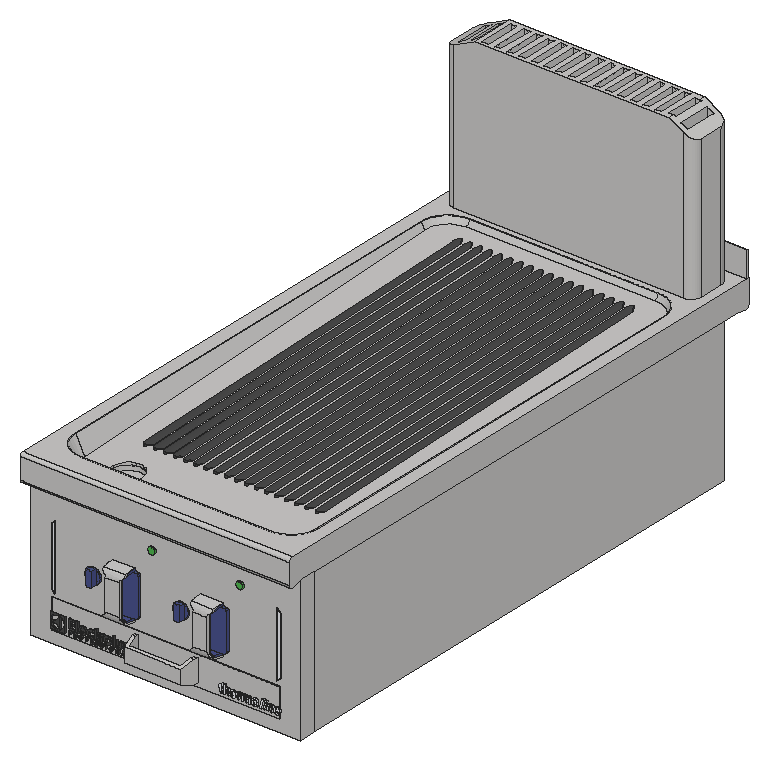
Revit family "QF_ELECTROLUXPROFESSIONAL_588536_MBHNBBDOPO", category Attrezzature speciali, Revit 2020 (continued)
Definition of nested family "Front_Panel_W400_Two Knobs_2Spie_Manop"
  Definition of nested family "ELX_Professional_Logo_Small"
    Reference planes
      plane 3 "Centro (Sinistra/Destra)": x = 0
    Forms (mm)
      Extrusion 1, solid
        sketch origin (0, 0, 0) x (1, 0, 0) y (0, 1, 0)
          loop
            line (-1219.2, 1219.2) -> (-1219.2, -1219.2) -> (1219.2, -1219.2) -> (1219.2, 1219.2) -> (-1219.2, 1219.2)
        from 0 to -304.8
      Extrusion 2, solid, material <- "Material_Logo"
        sketch origin (15.5, 0, 0) x (1, 0, 0) y (0, 1, 0)
          loop
            spline (-42.99, -1.24) -> (-43.195, -1.231) -> (-43.415, -1.203) -> (-43.642, -1.152) -> (-43.87, -1.074) -> (-44.095, -0.966) -> (-44.309, -0.825) -> (-44.506, -0.647) -> (-44.681, -0.429) -> (-44.828, -0.167) -> (-44.94, 0.142) -> (-45.011, 0.501) -> (-45.037, 0.915)
            line (-45.037, 0.915) -> (-45.037, 2.748) -> (-38.984, 2.748) -> (-38.984, 5.086) -> (-45.038, 5.086) -> (-45.038, 8.489) -> (-38.599, 8.489) -> (-38.599, 10.82) -> (-47.515, 10.82) -> (-47.515, 1.021)
            spline (-47.515, 1.021) -> (-47.493, 0.418) -> (-47.425, -0.15) -> (-47.311, -0.682) -> (-47.15, -1.175) -> (-46.939, -1.628) -> (-46.678, -2.038) -> (-46.365, -2.404) -> (-46, -2.723) -> (-45.58, -2.995) -> (-45.105, -3.216) -> (-44.573, -3.385) -> (-43.983, -3.499)
            line (-43.983, -3.499) -> (-43.01, -3.569) -> (-38.426, -3.569) -> (-38.426, -1.24) -> (-42.99, -1.24)
          loop
            line (-36.666, 4.021) -> (-36.666, -3.573) -> (-34.188, -3.573) -> (-34.188, 10.824) -> (-36.666, 10.824) -> (-36.666, 4.021)
          loop
            spline (-21.915, 1.897) -> (-21.957, 2.615) -> (-22.082, 3.303) -> (-22.285, 3.955) -> (-22.563, 4.564) -> (-22.913, 5.124) -> (-23.331, 5.629) -> (-23.814, 6.074) -> (-24.359, 6.451) -> (-24.961, 6.755) -> (-25.618, 6.98) -> (-26.326, 7.119) -> (-27.081, 7.167)
            spline (-27.081, 7.167) -> (-27.853, 7.122) -> (-28.586, 6.99) -> (-29.275, 6.774) -> (-29.915, 6.478) -> (-30.5, 6.104) -> (-31.024, 5.657) -> (-31.483, 5.138) -> (-31.871, 4.553) -> (-32.182, 3.904) -> (-32.411, 3.194) -> (-32.552, 2.427) -> (-32.6, 1.606)
            spline (-32.6, 1.606) -> (-32.553, 0.805) -> (-32.416, 0.057) -> (-32.193, -0.637) -> (-31.887, -1.271) -> (-31.504, -1.843) -> (-31.048, -2.35) -> (-30.523, -2.788) -> (-29.934, -3.154) -> (-29.284, -3.444) -> (-28.579, -3.656) -> (-27.822, -3.785) -> (-27.019, -3.829)
            spline (-27.019, -3.829) -> (-26.627, -3.82) -> (-26.239, -3.79) -> (-25.856, -3.739) -> (-25.477, -3.663) -> (-25.103, -3.562) -> (-24.734, -3.432) -> (-24.369, -3.273) -> (-24.01, -3.082) -> (-23.655, -2.858) -> (-23.305, -2.597) -> (-22.96, -2.299) -> (-22.621, -1.962)
            line (-22.621, -1.962) -> (-24.114, -0.509)
            spline (-24.114, -0.509) -> (-24.311, -0.699) -> (-24.509, -0.872) -> (-24.71, -1.03) -> (-24.915, -1.172) -> (-25.126, -1.297) -> (-25.346, -1.407) -> (-25.576, -1.5) -> (-25.817, -1.576) -> (-26.072, -1.636) -> (-26.342, -1.678) -> (-26.629, -1.704) -> (-26.936, -1.713)
            spline (-26.936, -1.713) -> (-27.384, -1.691) -> (-27.805, -1.625) -> (-28.196, -1.518) -> (-28.556, -1.372) -> (-28.882, -1.187) -> (-29.174, -0.966) -> (-29.429, -0.71) -> (-29.645, -0.422) -> (-29.821, -0.102) -> (-29.955, 0.247) -> (-30.045, 0.623) -> (-30.089, 1.026)
            line (-30.089, 1.026) -> (-21.956, 1.026) -> (-21.915, 1.897)
          loop
            spline (-24.446, 2.769) -> (-24.47, 3.075) -> (-24.54, 3.37) -> (-24.654, 3.65) -> (-24.807, 3.913) -> (-24.996, 4.156) -> (-25.219, 4.376) -> (-25.472, 4.57) -> (-25.753, 4.736) -> (-26.057, 4.869) -> (-26.382, 4.968) -> (-26.724, 5.03) -> (-27.081, 5.051)
            spline (-27.081, 5.051) -> (-27.464, 5.03) -> (-27.832, 4.97) -> (-28.183, 4.872) -> (-28.513, 4.74) -> (-28.819, 4.577) -> (-29.099, 4.384) -> (-29.347, 4.165) -> (-29.563, 3.923) -> (-29.742, 3.659) -> (-29.881, 3.377) -> (-29.977, 3.079) -> (-30.027, 2.769)
            line (-30.027, 2.769) -> (-24.446, 2.769)
          loop
            spline (-18.167, 1.669) -> (-18.138, 2.13) -> (-18.055, 2.567) -> (-17.921, 2.978) -> (-17.739, 3.358) -> (-17.512, 3.705) -> (-17.243, 4.016) -> (-16.937, 4.287) -> (-16.596, 4.517) -> (-16.223, 4.7) -> (-15.823, 4.835) -> (-15.398, 4.919) -> (-14.951, 4.947)
            spline (-14.951, 4.947) -> (-14.677, 4.938) -> (-14.414, 4.913) -> (-14.162, 4.871) -> (-13.921, 4.812) -> (-13.69, 4.738) -> (-13.467, 4.649) -> (-13.254, 4.544) -> (-13.048, 4.424) -> (-12.85, 4.291) -> (-12.659, 4.143) -> (-12.474, 3.981) -> (-12.295, 3.806)
            line (-12.295, 3.806) -> (-10.76, 5.403)
            spline (-10.76, 5.403) -> (-11.065, 5.709) -> (-11.38, 5.984) -> (-11.703, 6.228) -> (-12.035, 6.443) -> (-12.375, 6.63) -> (-12.723, 6.788) -> (-13.078, 6.92) -> (-13.44, 7.026) -> (-13.809, 7.107) -> (-14.184, 7.164) -> (-14.564, 7.198) -> (-14.951, 7.209)
            spline (-14.951, 7.209) -> (-15.725, 7.161) -> (-16.467, 7.02) -> (-17.169, 6.792) -> (-17.826, 6.482) -> (-18.43, 6.096) -> (-18.976, 5.637) -> (-19.455, 5.112) -> (-19.862, 4.525) -> (-20.19, 3.882) -> (-20.433, 3.189) -> (-20.584, 2.449) -> (-20.635, 1.669)
            spline (-20.635, 1.669) -> (-20.584, 0.889) -> (-20.433, 0.149) -> (-20.19, -0.545) -> (-19.862, -1.187) -> (-19.455, -1.774) -> (-18.976, -2.299) -> (-18.43, -2.758) -> (-17.826, -3.145) -> (-17.169, -3.454) -> (-16.467, -3.682) -> (-15.725, -3.823) -> (-14.951, -3.871)
            spline (-14.951, -3.871) -> (-14.564, -3.86) -> (-14.184, -3.826) -> (-13.809, -3.77) -> (-13.44, -3.689) -> (-13.078, -3.583) -> (-12.723, -3.451) -> (-12.375, -3.292) -> (-12.035, -3.105) -> (-11.703, -2.89) -> (-11.38, -2.646) -> (-11.065, -2.371) -> (-10.76, -2.066)
            line (-10.76, -2.066) -> (-12.295, -0.468)
            spline (-12.295, -0.468) -> (-12.474, -0.643) -> (-12.659, -0.805) -> (-12.85, -0.953) -> (-13.048, -1.087) -> (-13.254, -1.206) -> (-13.467, -1.311) -> (-13.69, -1.4) -> (-13.921, -1.475) -> (-14.162, -1.533) -> (-14.414, -1.575) -> (-14.677, -1.6) -> (-14.951, -1.609)
            spline (-14.951, -1.609) -> (-15.398, -1.581) -> (-15.823, -1.497) -> (-16.223, -1.362) -> (-16.596, -1.179) -> (-16.937, -0.95) -> (-17.243, -0.678) -> (-17.512, -0.367) -> (-17.739, -0.02) -> (-17.921, 0.36) -> (-18.055, 0.771) -> (-18.138, 1.208) -> (-18.167, 1.669)
          loop
            spline (-4.441, -1.243) -> (-4.659, -1.247) -> (-4.894, -1.23) -> (-5.137, -1.19) -> (-5.384, -1.121) -> (-5.628, -1.021) -> (-5.864, -0.884) -> (-6.084, -0.708) -> (-6.283, -0.488) -> (-6.454, -0.219) -> (-6.592, 0.101) -> (-6.69, 0.478) -> (-6.742, 0.914)
            line (-6.742, 0.914) -> (-6.742, 4.587) -> (-4.487, 4.587) -> (-4.487, 6.838) -> (-6.738, 6.838) -> (-6.738, 10.824) -> (-9.217, 10.824) -> (-9.217, 0.773)
            spline (-9.217, 0.773) -> (-9.164, 0.19) -> (-9.068, -0.358) -> (-8.928, -0.87) -> (-8.742, -1.343) -> (-8.511, -1.777) -> (-8.232, -2.168) -> (-7.904, -2.515) -> (-7.527, -2.816) -> (-7.098, -3.069) -> (-6.618, -3.273) -> (-6.084, -3.426) -> (-5.496, -3.525)
            line (-5.496, -3.525) -> (-4.45, -3.573) -> (-4.441, -1.243)
          loop
            spline (3.898, 6.983) -> (3.469, 7.009) -> (3.056, 7.001) -> (2.661, 6.961) -> (2.283, 6.888) -> (1.925, 6.785) -> (1.588, 6.652) -> (1.272, 6.49) -> (0.979, 6.301) -> (0.71, 6.085) -> (0.465, 5.844) -> (0.247, 5.578) -> (0.056, 5.289)
            line (0.056, 5.289) -> (0.056, 6.838) -> (-2.402, 6.838) -> (-2.402, -3.572) -> (0.056, -3.572) -> (0.056, 1.901)
            spline (0.056, 1.901) -> (0.079, 2.316) -> (0.145, 2.703) -> (0.254, 3.06) -> (0.404, 3.386) -> (0.592, 3.679) -> (0.818, 3.938) -> (1.08, 4.162) -> (1.375, 4.348) -> (1.703, 4.495) -> (2.062, 4.602) -> (2.45, 4.668) -> (2.865, 4.69)
            line (2.865, 4.69) -> (3.898, 4.586) -> (3.898, 6.983)
          loop
            spline (15.638, 1.633) -> (15.586, 2.396) -> (15.435, 3.124) -> (15.192, 3.81) -> (14.863, 4.449) -> (14.455, 5.034) -> (13.975, 5.56) -> (13.43, 6.021) -> (12.826, 6.411) -> (12.17, 6.724) -> (11.469, 6.955) -> (10.729, 7.098) -> (9.958, 7.147)
            spline (9.958, 7.147) -> (9.182, 7.098) -> (8.44, 6.955) -> (7.737, 6.724) -> (7.081, 6.411) -> (6.477, 6.021) -> (5.933, 5.56) -> (5.454, 5.034) -> (5.048, 4.449) -> (4.721, 3.81) -> (4.479, 3.124) -> (4.329, 2.396) -> (4.277, 1.633)
            spline (4.277, 1.633) -> (4.329, 0.869) -> (4.479, 0.141) -> (4.721, -0.544) -> (5.048, -1.183) -> (5.454, -1.768) -> (5.933, -2.294) -> (6.477, -2.755) -> (7.081, -3.145) -> (7.737, -3.459) -> (8.44, -3.69) -> (9.182, -3.833) -> (9.958, -3.882)
            spline (9.958, -3.882) -> (10.729, -3.833) -> (11.469, -3.69) -> (12.17, -3.459) -> (12.826, -3.145) -> (13.43, -2.755) -> (13.975, -2.294) -> (14.455, -1.768) -> (14.863, -1.183) -> (15.192, -0.544) -> (15.435, 0.141) -> (15.586, 0.869) -> (15.638, 1.633)
          loop
            spline (13.18, 1.633) -> (13.151, 2.083) -> (13.067, 2.513) -> (12.932, 2.918) -> (12.748, 3.296) -> (12.52, 3.642) -> (12.251, 3.954) -> (11.943, 4.227) -> (11.601, 4.459) -> (11.228, 4.645) -> (10.828, 4.782) -> (10.403, 4.867) -> (9.958, 4.896)
            spline (9.958, 4.896) -> (9.509, 4.867) -> (9.081, 4.782) -> (8.679, 4.645) -> (8.306, 4.459) -> (7.964, 4.227) -> (7.658, 3.954) -> (7.39, 3.642) -> (7.163, 3.296) -> (6.981, 2.918) -> (6.847, 2.513) -> (6.765, 2.083) -> (6.736, 1.633)
            spline (6.736, 1.633) -> (6.765, 1.182) -> (6.847, 0.753) -> (6.981, 0.347) -> (7.163, -0.031) -> (7.39, -0.377) -> (7.658, -0.689) -> (7.964, -0.962) -> (8.306, -1.193) -> (8.679, -1.38) -> (9.081, -1.517) -> (9.509, -1.602) -> (9.958, -1.631)
            spline (9.958, -1.631) -> (10.403, -1.602) -> (10.828, -1.517) -> (11.228, -1.38) -> (11.601, -1.193) -> (11.943, -0.962) -> (12.251, -0.689) -> (12.52, -0.377) -> (12.748, -0.031) -> (12.932, 0.347) -> (13.067, 0.753) -> (13.151, 1.182) -> (13.18, 1.633)
          loop
            line (17.162, 4.269) -> (17.162, -3.573) -> (19.642, -3.573) -> (19.642, 10.824) -> (17.162, 10.824) -> (17.162, 4.269)
          loop
            line (28.581, 6.838) -> (28.581, 0.786)
            spline (28.581, 0.786) -> (28.561, 0.393) -> (28.503, 0.038) -> (28.409, -0.279) -> (28.281, -0.559) -> (28.122, -0.802) -> (27.933, -1.011) -> (27.717, -1.185) -> (27.476, -1.325) -> (27.213, -1.433) -> (26.929, -1.509) -> (26.626, -1.554) -> (26.308, -1.569)
            spline (26.308, -1.569) -> (25.99, -1.554) -> (25.688, -1.509) -> (25.404, -1.434) -> (25.141, -1.326) -> (24.9, -1.187) -> (24.684, -1.014) -> (24.496, -0.807) -> (24.336, -0.565) -> (24.209, -0.288) -> (24.115, 0.026) -> (24.057, 0.376) -> (24.037, 0.765)
            line (24.037, 0.765) -> (24.037, 6.838) -> (21.537, 6.838) -> (21.537, 0.558)
            spline (21.537, 0.558) -> (21.581, -0.153) -> (21.71, -0.8) -> (21.916, -1.384) -> (22.195, -1.904) -> (22.54, -2.362) -> (22.944, -2.757) -> (23.403, -3.09) -> (23.909, -3.362) -> (24.456, -3.572) -> (25.04, -3.722) -> (25.652, -3.811) -> (26.288, -3.841)
            spline (26.288, -3.841) -> (26.929, -3.811) -> (27.547, -3.72) -> (28.135, -3.568) -> (28.687, -3.355) -> (29.197, -3.079) -> (29.66, -2.741) -> (30.068, -2.341) -> (30.415, -1.877) -> (30.696, -1.349) -> (30.905, -0.757) -> (31.034, -0.101) -> (31.079, 0.621)
            line (31.079, 0.621) -> (31.079, 6.838) -> (28.581, 6.838)
          loop
            line (40.457, -0.243) -> (38.894, 1.942) -> (40.83, 4.579) -> (42.488, 6.837) -> (39.782, 6.837) -> (37.53, 3.719) -> (35.258, 6.837) -> (32.573, 6.837) -> (34.113, 4.731) -> (36.167, 1.922) -> (34.014, -1.076) -> (32.222, -3.573) -> (34.887, -3.573) -> (37.53, 0.104) -> (40.174, -3.573) -> (42.839, -3.573) -> (40.457, -0.243)
          loop
            line (-46.121, -5.837) -> (-48.039, -5.837) -> (-48.039, -10.814) -> (-47.016, -10.814) -> (-47.016, -9.128) -> (-46.121, -9.128)
            arc (-46.121, -9.128) -> (-44.476, -7.482) -> (-46.121, -5.837) r 1.645
          loop
            line (-46.163, -6.778) -> (-47.016, -6.778) -> (-47.016, -8.187) -> (-46.163, -8.187)
            arc (-46.163, -8.187) -> (-45.458, -7.482) -> (-46.163, -6.778) r 0.704
          loop
            line (-38.313, -5.837) -> (-40.265, -5.837) -> (-40.265, -10.814) -> (-39.241, -10.814) -> (-39.241, -9.1) -> (-38.46, -9.182) -> (-37.48, -10.814) -> (-36.318, -10.814) -> (-37.513, -8.848)
            arc (-37.513, -8.848) -> (-36.888, -8.266) -> (-36.671, -7.441) r 1.536
            arc (-36.671, -7.441) -> (-37.165, -6.305) -> (-38.313, -5.837) r 1.643
          loop
            arc (-38.402, -8.166) -> (-37.707, -7.505) -> (-38.334, -6.778) r 0.696
            line (-38.334, -6.778) -> (-39.241, -6.778) -> (-39.241, -8.166) -> (-38.402, -8.166)
          loop
            circle (-29.965, -8.325) r 2.585
          loop
            circle (-29.965, -8.325) r 1.64
          loop
            line (-23.1, -5.837) -> (-23.1, -10.814) -> (-22.076, -10.814) -> (-22.076, -8.768) -> (-20.204, -8.768) -> (-20.204, -7.828) -> (-22.076, -7.828) -> (-22.076, -6.778) -> (-20.024, -6.778) -> (-20.024, -5.837) -> (-23.1, -5.837)
          loop
            line (-15.802, -5.837) -> (-15.802, -9.2)
            arc (-15.802, -9.2) -> (-15.343, -10.34) -> (-14.209, -10.814) r 1.593
            line (-14.209, -10.814) -> (-12.602, -10.814) -> (-12.602, -10.027) -> (-14.004, -10.027)
            arc (-14.004, -10.027) -> (-14.552, -9.8) -> (-14.779, -9.252) r 0.775
            line (-14.779, -9.252) -> (-14.779, -8.424) -> (-12.789, -8.424) -> (-12.789, -7.642) -> (-14.779, -7.642) -> (-14.779, -6.778) -> (-12.651, -6.778) -> (-12.651, -5.837) -> (-15.802, -5.837)
          loop
            line (-5.909, -7.143) -> (-5.173, -6.638)
            arc (-5.173, -6.638) -> (-5.855, -5.974) -> (-6.781, -5.755) r 1.782
            arc (-6.781, -5.755) -> (-7.397, -5.878) -> (-7.944, -6.189) r 1.974
            arc (-7.944, -6.189) -> (-8.202, -6.5) -> (-8.317, -6.888) r 1.013
            arc (-8.317, -6.888) -> (-8.306, -7.341) -> (-8.192, -7.78) r 1.985
            arc (-8.192, -7.78) -> (-7.749, -8.259) -> (-7.171, -8.563) r 1.928
            arc (-7.171, -8.563) -> (-6.637, -8.779) -> (-6.131, -9.056) r 5.041
            arc (-6.131, -9.056) -> (-5.934, -9.387) -> (-6.09, -9.74) r 0.42
            arc (-6.09, -9.74) -> (-6.631, -9.96) -> (-7.204, -9.845) r 1.016
            arc (-7.204, -9.845) -> (-7.625, -9.603) -> (-7.889, -9.196) r 1.033
            line (-7.889, -9.196) -> (-8.67, -9.686)
            arc (-8.67, -9.686) -> (-8.361, -10.198) -> (-7.908, -10.589) r 1.914
            arc (-7.908, -10.589) -> (-7.334, -10.834) -> (-6.714, -10.896) r 2.063
            arc (-6.714, -10.896) -> (-5.947, -10.743) -> (-5.256, -10.376) r 2.696
            arc (-5.256, -10.376) -> (-4.95, -9.565) -> (-5.108, -8.712) r 1.618
            arc (-5.108, -8.712) -> (-5.448, -8.319) -> (-5.884, -8.035) r 1.876
            arc (-5.884, -8.035) -> (-6.434, -7.789) -> (-6.999, -7.577) r 9.883
            arc (-6.999, -7.577) -> (-7.325, -7.07) -> (-6.854, -6.694) r 0.45
            arc (-6.854, -6.694) -> (-6.329, -6.809) -> (-5.909, -7.143) r 1.197
          loop
            line (1.61, -7.143) -> (2.345, -6.638)
            arc (2.345, -6.638) -> (1.663, -5.974) -> (0.737, -5.755) r 1.782
            arc (0.737, -5.755) -> (0.121, -5.878) -> (-0.425, -6.189) r 1.974
            arc (-0.425, -6.189) -> (-0.683, -6.5) -> (-0.799, -6.888) r 1.013
            arc (-0.799, -6.888) -> (-0.788, -7.341) -> (-0.674, -7.78) r 1.985
            arc (-0.674, -7.78) -> (-0.231, -8.259) -> (0.347, -8.563) r 1.928
            arc (0.347, -8.563) -> (0.881, -8.779) -> (1.387, -9.056) r 5.041
            arc (1.387, -9.056) -> (1.584, -9.387) -> (1.428, -9.74) r 0.42
            arc (1.428, -9.74) -> (0.887, -9.96) -> (0.314, -9.845) r 1.016
            arc (0.314, -9.845) -> (-0.107, -9.603) -> (-0.371, -9.196) r 1.033
            line (-0.371, -9.196) -> (-1.152, -9.686)
            arc (-1.152, -9.686) -> (-0.842, -10.198) -> (-0.39, -10.589) r 1.914
            arc (-0.39, -10.589) -> (0.184, -10.834) -> (0.804, -10.896) r 2.063
            arc (0.804, -10.896) -> (1.572, -10.743) -> (2.263, -10.376) r 2.696
            arc (2.263, -10.376) -> (2.568, -9.565) -> (2.411, -8.712) r 1.618
            arc (2.411, -8.712) -> (2.07, -8.319) -> (1.635, -8.035) r 1.876
            arc (1.635, -8.035) -> (1.084, -7.789) -> (0.519, -7.577) r 9.883
            arc (0.519, -7.577) -> (0.193, -7.07) -> (0.665, -6.694) r 0.45
            arc (0.665, -6.694) -> (1.189, -6.809) -> (1.61, -7.143) r 1.197
          loop
            line (6.801, -5.837) -> (6.801, -10.814) -> (7.825, -10.814) -> (7.825, -5.837) -> (6.801, -5.837)
          loop
            circle (14.724, -8.325) r 1.548
          loop
            circle (14.724, -8.325) r 2.585
          loop
            line (21.59, -10.814) -> (22.623, -10.814) -> (22.623, -7.685) -> (24.9, -10.814) -> (25.895, -10.814) -> (25.895, -5.837) -> (24.861, -5.837) -> (24.861, -9.061) -> (22.585, -5.837) -> (21.59, -5.837) -> (21.59, -10.814)
          loop
            line (31.054, -10.814) -> (31.539, -9.74) -> (33.38, -9.74) -> (33.865, -10.814) -> (34.965, -10.814) -> (32.46, -5.837) -> (29.956, -10.814) -> (31.054, -10.814)
          loop
            line (32.46, -7.698) -> (31.999, -8.719) -> (32.921, -8.719) -> (32.46, -7.698)
          loop
            line (40.047, -9.873) -> (40.047, -5.837) -> (39.024, -5.837) -> (39.024, -10.814) -> (41.961, -10.814) -> (41.961, -9.873) -> (40.047, -9.873)
          loop
            line (-74.986, -10.814) -> (-53.322, -10.814) -> (-53.322, 10.82) -> (-74.986, 10.82) -> (-74.986, -10.814)
          loop
            line (-61.261, 9.758) -> (-61.261, -9.707)
            arc (-61.261, -9.707) -> (-54.066, 0.025) -> (-61.261, 9.758) r 10.18
          loop
            line (-62.251, 8.349) -> (-62.251, 9.758)
            arc (-62.251, 9.758) -> (-70.347, 7.918) -> (-74.247, 0.59) r 9.976
            line (-74.247, 0.59) -> (-71.026, 0.59)
            arc (-71.026, 0.59) -> (-65.274, 2.925) -> (-62.251, 8.349) r 9.351
          loop
            arc (-74.247, -0.539) -> (-70.353, -7.928) -> (-62.251, -9.957) r 10.237
            line (-62.251, -9.957) -> (-62.251, -8.298)
            arc (-62.251, -8.298) -> (-65.274, -2.874) -> (-71.026, -0.539) r 9.351
            line (-71.026, -0.539) -> (-74.247, -0.539)
        from 0 to 1.644
    Dimensions and locks
      aligned and locked: plane 2 to Extrusion 1
      aligned and locked: level to Extrusion 1
Definition of nested family "Rib_D12"
  Parameters
    Show Clearance [instance] = yes
    Model = ""
    Lenght [instance] = 588 mm
    Default Elevation = 0 mm
  Reference planes
    plane 1 "Center (Front/Back)": y = -11.07
    plane 2: z = 0
    plane 3 "Center (Left/Right)": x = 0
    plane 4 "Back": y = 282.93
    plane 5 "Front": y = -305.07
  Forms (mm)
    Extrusion 1, solid
      sketch origin (0, -919.2, 0) x (1, 0, 0) y (0, 1, 0)
        loop
          line (-198.75, 1399.2) -> (-198.75, 386.445) -> (165.741, 386.445) -> (165.741, 1399.2) -> (-198.75, 1399.2)
      from 0 to -59.546
    Extrusion 2, solid
      sketch origin (0, -11.07, -267.484) x (1, 0, 0) y (0, 0, 1)
        loop
          line (-6, 267.484) -> (6, 267.484)
          arc (6, 267.484) -> (0, 269.184) -> (-6, 267.484) r 11.438
      from -294 to 294
    Extrusion 3, void
      sketch origin (0, 0, 0) x (1, 0, 0) y (0, 1, 0)
        loop
          line (-6, 274.93) -> (-2.484, 281.02)
          arc (-2.484, 281.02) -> (0, 282.454) -> (2.484, 281.02) r 2.868
          line (2.484, 281.02) -> (6, 274.93) -> (6, 282.93) -> (-6, 282.93) -> (-6, 274.93)
        loop
          line (-6, -297.07) -> (-6, -305.07) -> (6, -305.07) -> (6, -297.07) -> (2.484, -303.16)
          arc (2.484, -303.16) -> (0, -304.594) -> (-2.484, -303.16) r 2.868
          line (-2.484, -303.16) -> (-6, -297.07)
      from 0 to 2
  Cuts and joins
    Extrusion 3 cuts Extrusion 2
  Lines and regions (mm)
    symbolic lines
      curve 1: line (64.247, -11.07, 0) -> (64.247, -11.07, 4)
      curve 2: line (64.247, -11.07, 4) -> (-64.765, -11.07, 4)
      curve 3: line (-64.765, -11.07, 4) -> (-64.765, -11.07, 0)
      curve 4: line (-40, -11.07, 8) -> (-40, -11.07, 4)
      curve 5: line (40, -11.07, 8) -> (40, -11.07, 4)
      curve 6: line (40, -11.07, 8) -> (-40, -11.07, 8)
      curve 7: line (6, -297.07, 0) -> (6, 274.93, 0)
      curve 8: line (-6, 274.93, 0) -> (-6, -297.07, 0)
      curve 9: line (-6, 274.93, 0) -> (-2.484, 281.02, 0)
      curve 10: line (2.484, 281.02, 0) -> (6, 274.93, 0)
      curve 11: arc (-2.484, 281.02, 0) -> (0, 282.454, 0) -> (2.484, 281.02, 0) r 2.868
      curve 12: line (-2.484, -303.16, 0) -> (-6, -297.07, 0)
      curve 13: arc (2.484, -303.16, 0) -> (0, -304.594, 0) -> (-2.484, -303.16, 0) r 2.868
      curve 14: line (6, -297.07, 0) -> (2.484, -303.16, 0)
  Dimensions and locks
    "Lenght": plane 4 "Back" to plane 5 "Front"
    equal spacing: plane 4 "Back", plane 1 "Center (Front/Back)", plane 5 "Front"
    aligned and locked: plane 2 to Extrusion 1
    aligned and locked: level to Extrusion 1
    aligned and locked: plane 4 "Back" to Extrusion 2
    aligned and locked: Extrusion 2 to plane 5 "Front"
  Automatic sketch dimensions
    curve 3 to level = 0 mm
    curve 1 to level = 0 mm
    level to curve 3 = 4 mm
    curve 3 to plane 3 "Center (Left/Right)" = 64.765 mm
    level to curve 6 = 8 mm
    curve 2 to curve 6 = 24.765 mm
    plane 3 "Center (Left/Right)" to curve 5 = 40 mm
    curve 5 to curve 1 = 24.247 mm
    Extrusion 1 sketch curve to Extrusion 1 sketch curve = 364.491 mm
    Extrusion 1 sketch curve to Extrusion 1 sketch curve = 1012.755 mm
    Extrusion 3 sketch curve to plane 3 "Center (Left/Right)" = 0 mm  (x2)
    Extrusion 3 sketch curve to plane 3 "Center (Left/Right)" = 2.484 mm  (x2)
    Extrusion 3 sketch curve to plane 3 "Center (Left/Right)" = 6 mm
    Extrusion 3 sketch curve to Extrusion 3 sketch curve = 3.516 mm  (x2)
    plane 3 "Center (Left/Right)" to Extrusion 3 sketch curve = 2.484 mm  (x2)
    plane 3 "Center (Left/Right)" to Extrusion 3 sketch curve = 6 mm
    plane 5 "Front" to Extrusion 3 sketch curve = 0 mm
    Extrusion 3 sketch curve to Extrusion 3 sketch curve = 1.91 mm  (x2)
    Extrusion 3 sketch curve to Extrusion 3 sketch curve = 1.434 mm  (x2)
    Extrusion 3 sketch curve to Extrusion 3 sketch curve = 6.09 mm  (x2)
    Extrusion 3 sketch curve to plane 4 "Back" = 8 mm
    Extrusion 3 sketch curve to Extrusion 3 sketch curve = 0 mm
    Extrusion 3 sketch curve to Extrusion 3 sketch curve = 4.656 mm
    curve 9 to plane 3 "Center (Left/Right)" = 6 mm
    curve 8 to plane 4 "Back" = 8 mm
    curve 9 to plane 3 "Center (Left/Right)" = 2.484 mm
    plane 3 "Center (Left/Right)" to curve 7 = 6 mm
    plane 5 "Front" to curve 8 = 8 mm
    plane 5 "Front" to curve 7 = 8 mm
    curve 7 to plane 4 "Back" = 8 mm
    curve 9 to plane 4 "Back" = 1.91 mm
    plane 3 "Center (Left/Right)" to curve 10 = 2.484 mm
    curve 10 to plane 4 "Back" = 1.91 mm
    curve 11 to curve 9 = 1.434 mm
    curve 12 to plane 3 "Center (Left/Right)" = 2.484 mm
    plane 5 "Front" to curve 12 = 1.91 mm
    curve 13 to plane 3 "Center (Left/Right)" = 0 mm
    curve 13 to curve 13 = 1.434 mm
    plane 5 "Front" to curve 13 = 1.91 mm
    Extrusion 2 sketch curve to plane 3 "Center (Left/Right)" = 0 mm
    Extrusion 2 sketch curve to plane 3 "Center (Left/Right)" = 6 mm
    Extrusion 2 sketch curve to level = 9.738 mm
    Extrusion 2 sketch curve to Extrusion 2 sketch curve = 9.738 mm
